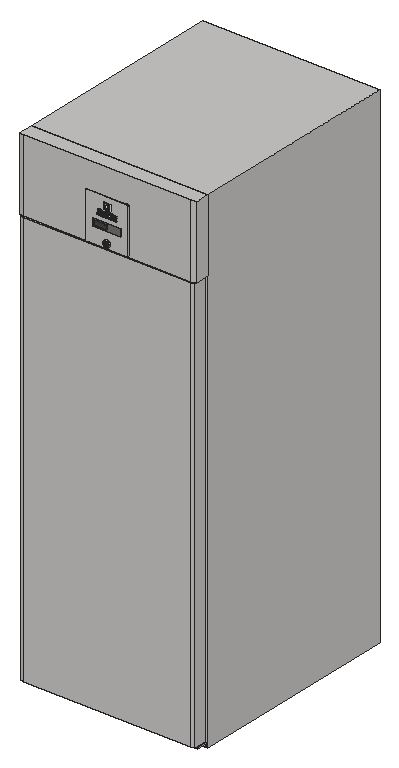
Revit family "QF_ELECTROLUXPROFESSIONAL_725104_RI093RE1FR", category Specialty Equipment, Revit 2018
Family settings
  Round Connector Dimension = Use Diameter
  Part Type = Normal
  Work Plane-Based = No
  Always vertical = Yes
  Cut with Voids When Loaded = No
  Shared = No
  Room Calculation Point = No
Parameters
  Weight = 133.00 kg
  Watts = 0 W
  Volts = 0 V
  URL Manufacturer = ""
  URL = ""
  Steam Supply Size = 0 mm
  Steam Supply Minimum Pressure = 0.0 Pa
  Steam Supply Maximum Pressure = 0.0 Pa
  Steam Pounds per Hour = 0
  Refrigeration Suction Line Size = 0.032 mm
  Refrigeration Liquid Line Size = 0.02 mm
  Refrigerant Compressor Remote = yes
  Manufacturer = ""
  Phase = 0
  Model = ""
  Length Actual = 750 mm  # constant formula
  Item Number = ""
  Hot Water Size = 0 mm
  Height Actual = 2111 mm  # constant formula
  HP = "0.2 HP"
  Gas Size = 0 mm
  Gas KW = 0
  Gas Input Pressure = 0 W
  Direct Waste Size = 0 mm
  Description = ""
  Depth Actual = 986 mm  # constant formula
  Cycle = 0 Hz
  Condensate Return Size = 0 mm
  Compressed Air Volume = 0.0 L/s
  Compressed Air Size = 0 mm
  Compressed Air Pressure = 0.0 Pa
  Cold Water Size = 0 mm
  Accessory = yes
Types (2, lengths in mm): name | Volts | URL Manufacturer | URL | Manufacturer | Phase | Model | Item Number | Description | Cycle
  (no name) | 0 V | "" | "" | "" | 0 | "" | "" | "" | 0 Hz
  Standard | 220 V | "http://professional.electrolux.com" | "http://professional.electrolux.com" | "Electrolux Professional" | 1 | "RI093RE1FR" | "725104" | "1-DOOR ROLL-IN REFRIGERATOR 930LT 0/+10°C REMOTE" | 60 Hz
Reference planes
  plane 1 "Center (Front/Back)": y = 0
  plane 2: z = 0
  plane 3 "Center (Left/Right)": x = 0
  plane 4 "TOP": z = 2111
  plane 5 "FRONT": y = -493
  plane 6 "BACK": y = 493
  plane 7 "LEFT": x = -375
  plane 8 "RIGHT": x = 375
  plane 9 "ROy": y = 241
  plane 10 "RIy": y = 270
  plane 11 "ROx": x = 135
  plane 12 "RIx": x = 208
  plane 13 "ROz": z = 2004
Forms (mm)
  Extrusion 1, solid, material "QF_Finishes_Stainless Steel"
    sketch origin (0, 0, 0) x (1, 0, 0) y (0, 1, 0)
      loop
        line (-375, 493) -> (-375, -421) -> (375, -421) -> (375, 493) -> (-375, 493)
    from 0 to 2111
  Extrusion 2, solid
    sketch origin (0, 493, 1872) x (-1, 0, 0) y (0, 0, 1)
      loop
        circle (359, 144) r 10
    from 0 to 3.2
  Extrusion 3, solid, material "QF_Clearances", detail levels coarse
    sketch origin (0, 0, 0) x (1, 0, 0) y (0, 1, 0)
      loop
        line (-375, -493) -> (-375, 493) -> (375, 493) -> (375, -493) -> (425, -493) -> (425, 543) -> (-425, 543) -> (-425, -493) -> (-375, -493)
    from 0 to 2111
  Extrusion 4, solid, material "QF_Clearances", detail levels coarse
    sketch origin (0, 0, 2111) x (-1, 0, 0) y (0, -1, 0)
      loop
        line (425, -543) -> (425, 493) -> (-425, 493) -> (-425, -543) -> (425, -543)
    from 0 to 500
  Extrusion 5, void
    sketch origin (0, 493, 0) x (-1, 0, 0) y (0, 0, 1)
      loop
        line (315, 1723.5) -> (-315, 1723.5) -> (-315, 5) -> (315, 5) -> (315, 1723.5)
    from -59 to -914
  Extrusion 6, solid, material "QF_Finishes_Stainless Steel"
    sketch origin (0, 0, 2111) x (-1, 0, 0) y (0, -1, 0)
      loop
        circle (-208, -270) r 3
    from -213 to -103
  Extrusion 7, solid, material "QF_Finishes_Stainless Steel"
    sketch origin (0, 0, 0) x (0, 1, 0) y (0, 0, 1)
      loop
        circle (241, 2004) r 4.9
    from 157.649 to 134
Cuts and joins
  joined: Extrusion 3, Extrusion 4
  Extrusion 5 cuts Extrusion 1
Lines and regions (mm)
  symbolic lines, style "QF_Clearances", detail levels coarse
    curve 1: line (-375, -493, 2111) -> (-425, -493, 2111)
    curve 2: line (-425, -493, 2111) -> (-425, 543, 2111)
    curve 3: line (-425, 543, 2111) -> (425, 543, 2111)
    curve 4: line (425, 543, 2111) -> (425, -493, 2111)
    curve 5: line (425, -493, 2111) -> (375, -493, 2111)
Dimensions and locks
  plane 6 "BACK" to plane 1 "Center (Front/Back)" to plane 5 "FRONT" = 493 mm, 493 mm
  equal spacing: plane 7 "LEFT", plane 3 "Center (Left/Right)", plane 8 "RIGHT"
  plane 7 "LEFT" to plane 8 "RIGHT" = 750 mm
  plane 6 "BACK" to plane 5 "FRONT" = 986 mm
  plane 4 "TOP" to plane 2 = 2111 mm
  equal spacing: plane 8 "RIGHT", plane 3 "Center (Left/Right)", plane 7 "LEFT"
  plane 6 "BACK" to nested 1 = 1664 mm
  cut or joined group of Extrusion 1, Extrusion 5 to cut or joined group of Extrusion 1, Extrusion 5 = 630 mm
  cut or joined group of Extrusion 1, Extrusion 5 to cut or joined group of Extrusion 1, Extrusion 5 = 855 mm
  plane 6 "BACK" to plane 10 "RIy" = 223 mm
  plane 6 "BACK" to plane 9 "ROy" = 252 mm
  plane 12 "RIx" to cut or joined group of Extrusion 1, Extrusion 5 = 167 mm
  plane 11 "ROx" to plane 12 "RIx" = 73 mm
  cut or joined group of Extrusion 1, Extrusion 5 to plane 13 "ROz" = 107 mm
  cut or joined group of Extrusion 3, Extrusion 4 to plane 4 "TOP" = 500 mm
  nested 1 to cut or joined group of Extrusion 1, Extrusion 5 = 980 mm
  nested 1 to nested 1 = 16 mm
  cut or joined group of Extrusion 3, Extrusion 4 to cut or joined group of Extrusion 1, Extrusion 5 = 50 mm
  cut or joined group of Extrusion 3, Extrusion 4 to plane 7 "LEFT" = 50 mm
  cut or joined group of Extrusion 1, Extrusion 5 to cut or joined group of Extrusion 3, Extrusion 4 = 50 mm
  plane 4 "TOP" to plane 13 "ROz" = 107 mm
  aligned and locked: level to plane 2
Automatic sketch dimensions
  plane 7 "LEFT" to Extrusion 2 sketch curve = 16 mm
  Extrusion 4 sketch curve to plane 5 "FRONT" = 0 mm
  Extrusion 4 sketch curve to plane 8 "RIGHT" = 50 mm
  Extrusion 4 sketch curve to plane 7 "LEFT" = 50 mm
  plane 6 "BACK" to Extrusion 4 sketch curve = 50 mm
  Extrusion 1 sketch curve to plane 7 "LEFT" = 0 mm
  Extrusion 1 sketch curve to plane 8 "RIGHT" = 0 mm
  Extrusion 1 sketch curve to plane 6 "BACK" = 0 mm
  plane 5 "FRONT" to Extrusion 1 sketch curve = 72 mm
  Extrusion 2 sketch curve to plane 4 "TOP" = 95 mm
  Extrusion 3 sketch curve to plane 5 "FRONT" = 0 mm  (x2)
  Extrusion 3 sketch curve to plane 7 "LEFT" = 0 mm
  Extrusion 3 sketch curve to plane 6 "BACK" = 0 mm
  Extrusion 3 sketch curve to plane 8 "RIGHT" = 0 mm
  Extrusion 3 sketch curve to plane 7 "LEFT" = 50 mm
  Extrusion 3 sketch curve to plane 8 "RIGHT" = 50 mm
  plane 6 "BACK" to Extrusion 3 sketch curve = 50 mm
  level to Extrusion 5 sketch curve = 5 mm
  plane 8 "RIGHT" to Extrusion 5 sketch curve = 60 mm
  plane 7 "LEFT" to Extrusion 5 sketch curve = 60 mm
  Extrusion 5 sketch curve to plane 4 "TOP" = 387.5 mm
  Extrusion 6 sketch curve to plane 10 "RIy" = 0 mm
  Extrusion 6 sketch curve to plane 12 "RIx" = 0 mm
  Extrusion 7 sketch curve to plane 9 "ROy" = 0 mm
  Extrusion 7 sketch curve to plane 13 "ROz" = 0 mm
  curve 4 to plane 5 "FRONT" = 0 mm
  curve 5 to plane 8 "RIGHT" = 0 mm
  curve 1 to plane 5 "FRONT" = 0 mm
  curve 1 to plane 7 "LEFT" = 0 mm
  curve 4 to plane 8 "RIGHT" = 50 mm
  curve 2 to plane 7 "LEFT" = 50 mm
  plane 6 "BACK" to curve 4 = 50 mm
  radius of Extrusion 2 sketch curve = 10 mm
  radius of Extrusion 6 sketch curve = 3 mm
  radius of Extrusion 7 sketch curve = 4.9 mm
Nested families
  nested 1: "QF_725104_Door" at (0, -421, 1060.5) x (1, 0, 0) z (0, -1, 0), type "QF_725104_Door"
    with Show Clearance yes
  nested 2: "Refrigerator" at (370, -442.5, 110), type "Refrigerator"
Connectors
  electrical at (-359, 496.2, 2016), driven by "Volts"
    settings: on Extrusion 2, index 2, voltage 0 V, apparent load 0 VA, apparent load phase1 0 VA, apparent load phase2 0 VA, apparent load phase3 0 VA, power factor 1, load classification "Other", number of poles 1, system type 30, power factor state 1, is connector primary yes, connector utility no, sub classification motor no, connector description "Electrical Connection"
  piping at (208, 270, 2008)
    settings: on Extrusion 6, index 3, connector diameter 0 mm, connector inside diameter 609.6 mm, connector length 0 mm, flow factor 0, pipe flow 0.0 L/s, pressure drop 0.0 Pa, fitting loss kfactor 0, connector angle 0.00°, fixture units 0, engagement length 0 mm, angle of deflection 0.00°, flow configuration 1, flow direction 1, fitting loss method 0, system type 7, joint type 0, gender type 0, connector reference index -1, connector utility 0, adjustable connector no, is connector primary yes, connector description "Refrigerant Inlet"
  piping at (134, 241, 2004)
    settings: on Extrusion 7, index 4, connector diameter 0 mm, connector inside diameter 609.6 mm, connector length 0 mm, flow factor 0, pipe flow 0.0 L/s, pressure drop 0.0 Pa, fitting loss kfactor 0, connector angle 0.00°, fixture units 0, engagement length 0 mm, angle of deflection 0.00°, flow configuration 1, flow direction 2, fitting loss method 0, system type 7, joint type 0, gender type 0, connector reference index -1, connector utility 0, adjustable connector no, is connector primary no, connector description "Refrigerant Outlet"
Definition of nested family "QF_725104_Door"
  Parameters
    Show Clearance [instance] = yes
    Model = "725104"
    Default Elevation = 1219.2 mm
  Reference planes
    plane 1 "Center (Front/Back)": y = 7.5
    plane 2: z = 0
    plane 3 "Center (Left/Right)": x = 0
  Forms (mm)
    Extrusion 1, solid
      sketch origin (0, -919.2, 0) x (1, 0, 0) y (0, 1, 0)
        loop
          line (-740, 2119.2) -> (-740, -324.806) -> (846.344, -324.806) -> (846.344, 2119.2) -> (-740, 2119.2)
      from 0 to -59.546
    Extrusion 2, solid
      sketch origin (0, 7.5, 0) x (1, 0, 0) y (0, 0, 1)
        loop
          line (-375, 60.667) -> (-375, 0) -> (375, 0) -> (375, 60.667) -> (355, 66) -> (-355, 66) -> (-375, 60.667)
      from -1043 to -733
    Extrusion 3, solid
      sketch origin (0, 7.5, 0) x (1, 0, 0) y (0, 0, 1)
        loop
          line (-370, 62) -> (-370, 26) -> (-348, 26) -> (-348, 8) -> (-330, 8) -> (-330, 0) -> (362, 0) -> (362, 8) -> (370, 8) -> (370, 62) -> (355, 66) -> (-355, 66) -> (-370, 62)
      from -726 to 1043
    Extrusion 4, solid
      sketch origin (147, -721.5, 0) x (0, 1, 0) y (0, 0, 1)
        loop
          line (-323.003, 40.312) -> (-316.501, 40.312) -> (-316.501, 42.812) -> (-325.503, 42.812) -> (-325.503, 2.5) -> (-339, 2.5) -> (-339, 0) -> (-323.003, 0) -> (-323.003, 12.259) -> (-323.003, 40.312)
        loop
          line (-314, 38.311) -> (-316.501, 38.311) -> (-316.501, 14.304) -> (-319.752, 14.304) -> (-319.752, 11.804) -> (-314, 11.804) -> (-314, 38.311)
      from 185 to 220
    Extrusion 5, solid
      sketch origin (147, 499.597, 0) x (0, 1, 0) y (0, 0, 1)
        loop
          line (233.903, 27.948) -> (233.903, 2.948) -> (233.903, 0) -> (240.903, 0) -> (240.903, 2.5) -> (236.403, 2.5) -> (236.403, 27.948) -> (233.903, 27.948)
      from 185 to 220
    Extrusion 6, solid, detail levels coarse
      sketch origin (24, 1013.369, -334) x (-1, 0, 0) y (0, 0, -1)
        loop
          line (-367, -352) -> (-367, -1084) -> (-329, -1084) -> (-329, -1062) -> (-311, -1062) -> (-311, -1044) -> (-303, -1044) -> (-303, -400) -> (-351, -400) -> (-351, -352) -> (-367, -352)
      from 2048.869 to 279.869
    Extrusion 7, solid, detail levels coarse
      sketch origin (41, 1123.369, -334) x (1, 0, 0) y (0, 0, 1)
        loop
          line (286, 400) -> (286, 1044) -> (294, 1044) -> (294, 1062) -> (312, 1062) -> (312, 1084)
          arc (312, 1084) -> (-184.675, 884.882) -> (-411, 400) r 727.877
          line (-411, 400) -> (286, 400)
      from 2158.869 to 389.869
  Lines and regions (mm)
    symbolic lines
      curve 1: line (-375, 7.5, 0) -> (-375, 7.5, 60.667)
      curve 2: line (375, 7.5, 0) -> (-375, 7.5, 0)
      curve 3: line (391, 7.5, 18) -> (391, 7.5, 750)
      curve 4: line (327, 7.5, 66) -> (327, 7.5, 710)
      curve 5: line (391, 7.5, 750) -> (353, 7.5, 750)
      curve 6: line (353, 7.5, 728) -> (353, 7.5, 750)
      curve 7: line (335, 7.5, 728) -> (353, 7.5, 728)
      curve 8: line (335, 7.5, 710) -> (335, 7.5, 728)
      curve 9: line (327, 7.5, 710) -> (335, 7.5, 710)
      curve 10: line (375, 7.5, 18) -> (391, 7.5, 18)
      curve 11: arc (353, 7.5, 750) -> (-143.675, 7.5, 550.882) -> (-370, 7.5, 66) r 727.877
      curve 12: line (375, 7.5, 0) -> (375, 7.5, 60.667)
      curve 13: line (-355, 7.5, 66) -> (-375, 7.5, 60.667)
      curve 14: line (355, 7.5, 66) -> (-355, 7.5, 66)
      curve 15: line (375, 7.5, 60.667) -> (355, 7.5, 66)
  Dimensions and locks
    Extrusion 4 to Extrusion 2 = 2111 mm
    Extrusion 3 to Extrusion 3 = 740 mm
    aligned and locked: plane 2 to Extrusion 1
    aligned and locked: level to Extrusion 1
  Nested families
    nested 1: "QF_DisplayNewRollCabinets_ELX" at (0, 840.5, 66), type "QF_DisplayNewRollCabinets_ELX"
      with Show Clearance yes
  Definition of nested family "QF_DisplayNewRollCabinets_ELX"
    Parameters
      Show Clearance [instance] = yes
      Model = "728658"
      Default Elevation = 1219.2 mm
    Reference planes
      plane 1 "Center (Front/Back)": y = 0
      plane 2: z = 0
      plane 3 "Center (Left/Right)": x = 0
    Forms (mm)
      Extrusion 1, solid
        sketch origin (0, -919.2, 0) x (1, 0, 0) y (0, 1, 0)
          loop
            line (-198.75, 1146.2) -> (-198.75, 709.567) -> (165.741, 709.567) -> (165.741, 1146.2) -> (-198.75, 1146.2)
        from 0 to -59.546
      Extrusion 2, solid
        sketch origin (-59, -79.611, 0) x (0, 1, 0) y (-1, 0, 0)
          loop
            circle (0.611, -59) r 14
          loop
            circle (0.611, -59) r 10
        from 1.6 to 6
      Extrusion 3, solid
        sketch origin (744.635, 285.889, 0) x (0, 1, 0) y (-1, 0, 0)
          loop
            circle (-364.889, 744.635) r 10
          loop
            circle (-364.889, 744.635) r 9
        from 1.6 to 6
      Extrusion 4, solid
        sketch origin (744.635, 285.889, 0) x (0, 1, 0) y (-1, 0, 0)
          loop
            circle (-364.889, 744.635) r 8.7
        from 1.6 to 6
      Extrusion 5, void
        sketch origin (744.635, 285.889, 0) x (0, 1, 0) y (-1, 0, 0)
          loop
            line (-372.339, 745.885) -> (-372.339, 743.385) -> (-362.339, 743.385) -> (-362.339, 745.885) -> (-372.339, 745.885)
        from 3 to 7
      Extrusion 6, solid
        sketch origin (0, 0, 0) x (1, 0, 0) y (0, 1, 0)
          loop
            arc (-90, -95) -> (-88.536, -98.536) -> (-85, -100) r 5
            line (-85, -100) -> (85, -100)
            arc (85, -100) -> (88.536, -98.536) -> (90, -95) r 5
            line (90, -95) -> (90, 95)
            arc (90, 95) -> (88.536, 98.536) -> (85, 100) r 5
            line (85, 100) -> (-85, 100)
            arc (-85, 100) -> (-88.536, 98.536) -> (-90, 95) r 5
            line (-90, 95) -> (-90, -95)
          loop
            line (-60, -3.798) -> (-60, -32.827) -> (60, -32.827) -> (60, -3.798) -> (-60, -3.798)
        from 0 to 1.6
      Extrusion 7, solid
        sketch origin (0, 0, 0) x (1, 0, 0) y (0, 1, 0)
          loop
            line (-60, -3.798) -> (-60, -32.827) -> (60, -32.827) -> (60, -3.798) -> (-60, -3.798)
          loop
            line (-56.428, -8.037) -> (-56.428, -28.331) -> (0, -28.331) -> (0, -8.037) -> (-56.428, -8.037)
        from 0 to 1.6
      Extrusion 8, solid
        sketch origin (0, 0, 0) x (1, 0, 0) y (0, 1, 0)
          loop
            line (-56.428, -8.037) -> (-56.428, -28.331) -> (0, -28.331) -> (0, -8.037) -> (-56.428, -8.037)
        from 0 to 1.6
      Extrusion 9, solid
        sketch origin (0, 0, 0) x (1, 0, 0) y (0, 1, 0)
          loop
            spline (-35.495, 30.517) -> (-35.679, 30.525) -> (-35.875, 30.55) -> (-36.078, 30.596) -> (-36.282, 30.665) -> (-36.483, 30.762) -> (-36.674, 30.888) -> (-36.851, 31.047) -> (-37.007, 31.242) -> (-37.138, 31.476) -> (-37.238, 31.752) -> (-37.302, 32.073) -> (-37.325, 32.443)
            line (-37.325, 32.443) -> (-37.325, 34.082) -> (-31.914, 34.082) -> (-31.914, 36.172) -> (-37.326, 36.172) -> (-37.326, 39.215) -> (-31.569, 39.215) -> (-31.569, 41.3) -> (-39.541, 41.3) -> (-39.541, 32.538)
            spline (-39.541, 32.538) -> (-39.521, 31.999) -> (-39.461, 31.491) -> (-39.359, 31.016) -> (-39.214, 30.575) -> (-39.026, 30.17) -> (-38.792, 29.803) -> (-38.513, 29.476) -> (-38.186, 29.19) -> (-37.811, 28.948) -> (-37.386, 28.75) -> (-36.91, 28.599) -> (-36.383, 28.497)
            line (-36.383, 28.497) -> (-35.513, 28.434) -> (-31.415, 28.434) -> (-31.415, 30.517) -> (-35.495, 30.517)
          loop
            line (-29.841, 35.221) -> (-29.841, 28.431) -> (-27.625, 28.431) -> (-27.625, 41.303) -> (-29.841, 41.303) -> (-29.841, 35.221)
          loop
            spline (-16.689, 32.543) -> (-16.674, 33.24) -> (-16.741, 33.914) -> (-16.887, 34.559) -> (-17.108, 35.168) -> (-17.403, 35.737) -> (-17.768, 36.257) -> (-18.2, 36.724) -> (-18.697, 37.131) -> (-19.255, 37.471) -> (-19.872, 37.739) -> (-20.545, 37.929) -> (-21.271, 38.033)
            spline (-21.271, 38.033) -> (-21.961, 37.993) -> (-22.617, 37.875) -> (-23.233, 37.682) -> (-23.805, 37.417) -> (-24.328, 37.083) -> (-24.797, 36.683) -> (-25.207, 36.219) -> (-25.554, 35.696) -> (-25.832, 35.116) -> (-26.036, 34.481) -> (-26.162, 33.795) -> (-26.206, 33.061)
            spline (-26.206, 33.061) -> (-26.164, 32.345) -> (-26.041, 31.676) -> (-25.841, 31.056) -> (-25.568, 30.489) -> (-25.226, 29.977) -> (-24.818, 29.524) -> (-24.348, 29.133) -> (-23.822, 28.805) -> (-23.241, 28.546) -> (-22.61, 28.357) -> (-21.934, 28.241) -> (-21.215, 28.202)
            spline (-21.215, 28.202) -> (-20.865, 28.21) -> (-20.518, 28.237) -> (-20.176, 28.283) -> (-19.837, 28.35) -> (-19.503, 28.441) -> (-19.173, 28.557) -> (-18.847, 28.699) -> (-18.525, 28.87) -> (-18.208, 29.07) -> (-17.895, 29.303) -> (-17.587, 29.569) -> (-17.283, 29.871)
            line (-17.283, 29.871) -> (-18.618, 31.17)
            spline (-18.618, 31.17) -> (-18.794, 31.001) -> (-18.971, 30.845) -> (-19.151, 30.704) -> (-19.334, 30.578) -> (-19.523, 30.465) -> (-19.72, 30.368) -> (-19.925, 30.284) -> (-20.141, 30.216) -> (-20.369, 30.163) -> (-20.61, 30.125) -> (-20.867, 30.102) -> (-21.141, 30.094)
            spline (-21.141, 30.094) -> (-21.542, 30.114) -> (-21.918, 30.172) -> (-22.268, 30.268) -> (-22.589, 30.399) -> (-22.881, 30.564) -> (-23.142, 30.762) -> (-23.37, 30.99) -> (-23.564, 31.248) -> (-23.721, 31.534) -> (-23.841, 31.846) -> (-23.921, 32.183) -> (-23.961, 32.543)
            line (-23.961, 32.543) -> (-16.689, 32.543)
          loop
            spline (-18.915, 34.101) -> (-18.937, 34.375) -> (-19, 34.638) -> (-19.101, 34.889) -> (-19.237, 35.124) -> (-19.407, 35.342) -> (-19.606, 35.538) -> (-19.833, 35.712) -> (-20.083, 35.859) -> (-20.355, 35.979) -> (-20.646, 36.067) -> (-20.952, 36.122) -> (-21.271, 36.141)
            spline (-21.271, 36.141) -> (-21.613, 36.123) -> (-21.943, 36.069) -> (-22.256, 35.981) -> (-22.552, 35.864) -> (-22.825, 35.717) -> (-23.075, 35.545) -> (-23.297, 35.35) -> (-23.49, 35.133) -> (-23.65, 34.897) -> (-23.774, 34.645) -> (-23.86, 34.379) -> (-23.905, 34.101)
            line (-23.905, 34.101) -> (-18.915, 34.101)
          loop
            spline (-13.301, 33.118) -> (-13.275, 33.53) -> (-13.201, 33.921) -> (-13.081, 34.288) -> (-12.918, 34.628) -> (-12.715, 34.938) -> (-12.475, 35.216) -> (-12.201, 35.459) -> (-11.896, 35.664) -> (-11.563, 35.828) -> (-11.205, 35.948) -> (-10.825, 36.023) -> (-10.425, 36.048)
            spline (-10.425, 36.048) -> (-10.18, 36.041) -> (-9.946, 36.018) -> (-9.721, 35.98) -> (-9.505, 35.928) -> (-9.298, 35.862) -> (-9.099, 35.782) -> (-8.908, 35.688) -> (-8.724, 35.581) -> (-8.547, 35.461) -> (-8.376, 35.329) -> (-8.211, 35.185) -> (-8.051, 35.028)
            line (-8.051, 35.028) -> (-6.678, 36.457)
            spline (-6.678, 36.457) -> (-6.951, 36.73) -> (-7.233, 36.975) -> (-7.522, 37.194) -> (-7.819, 37.386) -> (-8.123, 37.553) -> (-8.434, 37.695) -> (-8.751, 37.813) -> (-9.075, 37.908) -> (-9.404, 37.98) -> (-9.739, 38.031) -> (-10.08, 38.061) -> (-10.425, 38.07)
            spline (-10.425, 38.07) -> (-11.118, 38.028) -> (-11.781, 37.902) -> (-12.409, 37.698) -> (-12.996, 37.421) -> (-13.537, 37.075) -> (-14.024, 36.665) -> (-14.453, 36.196) -> (-14.817, 35.671) -> (-15.11, 35.097) -> (-15.327, 34.476) -> (-15.462, 33.815) -> (-15.508, 33.118)
            spline (-15.508, 33.118) -> (-15.462, 32.42) -> (-15.327, 31.759) -> (-15.11, 31.138) -> (-14.817, 30.564) -> (-14.453, 30.039) -> (-14.024, 29.57) -> (-13.537, 29.16) -> (-12.996, 28.814) -> (-12.409, 28.537) -> (-11.781, 28.333) -> (-11.118, 28.207) -> (-10.425, 28.165)
            spline (-10.425, 28.165) -> (-10.08, 28.174) -> (-9.739, 28.204) -> (-9.404, 28.255) -> (-9.075, 28.327) -> (-8.751, 28.422) -> (-8.434, 28.54) -> (-8.123, 28.682) -> (-7.819, 28.849) -> (-7.522, 29.041) -> (-7.233, 29.26) -> (-6.951, 29.505) -> (-6.678, 29.779)
            line (-6.678, 29.779) -> (-8.051, 31.207)
            spline (-8.051, 31.207) -> (-8.211, 31.05) -> (-8.376, 30.906) -> (-8.547, 30.774) -> (-8.724, 30.654) -> (-8.908, 30.547) -> (-9.099, 30.453) -> (-9.298, 30.373) -> (-9.505, 30.307) -> (-9.721, 30.255) -> (-9.946, 30.217) -> (-10.18, 30.194) -> (-10.425, 30.187)
            spline (-10.425, 30.187) -> (-10.825, 30.212) -> (-11.205, 30.287) -> (-11.563, 30.407) -> (-11.896, 30.571) -> (-12.201, 30.776) -> (-12.475, 31.019) -> (-12.715, 31.297) -> (-12.918, 31.607) -> (-13.081, 31.947) -> (-13.201, 32.314) -> (-13.275, 32.705) -> (-13.301, 33.118)
          loop
            spline (-1.029, 30.514) -> (-1.224, 30.511) -> (-1.433, 30.525) -> (-1.651, 30.562) -> (-1.872, 30.623) -> (-2.09, 30.713) -> (-2.301, 30.835) -> (-2.498, 30.992) -> (-2.675, 31.189) -> (-2.829, 31.429) -> (-2.952, 31.716) -> (-3.039, 32.053) -> (-3.086, 32.443)
            line (-3.086, 32.443) -> (-3.086, 35.726) -> (-1.07, 35.726) -> (-1.07, 37.739) -> (-3.083, 37.739) -> (-3.083, 41.303) -> (-5.299, 41.303) -> (-5.299, 32.317)
            spline (-5.299, 32.317) -> (-5.251, 31.795) -> (-5.165, 31.305) -> (-5.04, 30.847) -> (-4.875, 30.424) -> (-4.668, 30.037) -> (-4.418, 29.687) -> (-4.125, 29.377) -> (-3.788, 29.108) -> (-3.405, 28.881) -> (-2.975, 28.699) -> (-2.498, 28.562) -> (-1.972, 28.474)
            line (-1.972, 28.474) -> (-1.037, 28.431) -> (-1.029, 30.514)
          loop
            spline (6.427, 37.868) -> (6.044, 37.892) -> (5.675, 37.885) -> (5.321, 37.849) -> (4.984, 37.784) -> (4.663, 37.692) -> (4.362, 37.573) -> (4.079, 37.428) -> (3.817, 37.259) -> (3.576, 37.066) -> (3.358, 36.85) -> (3.163, 36.613) -> (2.992, 36.355)
            line (2.992, 36.355) -> (2.992, 37.739) -> (0.794, 37.739) -> (0.794, 28.431) -> (2.992, 28.431) -> (2.992, 33.325)
            spline (2.992, 33.325) -> (3.013, 33.696) -> (3.072, 34.042) -> (3.169, 34.362) -> (3.303, 34.653) -> (3.471, 34.915) -> (3.673, 35.147) -> (3.907, 35.346) -> (4.171, 35.513) -> (4.465, 35.644) -> (4.785, 35.74) -> (5.132, 35.799) -> (5.504, 35.818)
            line (5.504, 35.818) -> (6.427, 35.726) -> (6.427, 37.868)
          loop
            spline (16.924, 33.085) -> (16.877, 33.768) -> (16.743, 34.419) -> (16.525, 35.032) -> (16.231, 35.603) -> (15.866, 36.126) -> (15.437, 36.596) -> (14.949, 37.008) -> (14.409, 37.357) -> (13.823, 37.637) -> (13.196, 37.844) -> (12.535, 37.972) -> (11.845, 38.016)
            spline (11.845, 38.016) -> (11.152, 37.972) -> (10.488, 37.844) -> (9.86, 37.637) -> (9.273, 37.357) -> (8.733, 37.008) -> (8.246, 36.596) -> (7.818, 36.126) -> (7.455, 35.603) -> (7.163, 35.032) -> (6.946, 34.419) -> (6.812, 33.768) -> (6.766, 33.085)
            spline (6.766, 33.085) -> (6.812, 32.402) -> (6.946, 31.752) -> (7.163, 31.138) -> (7.455, 30.568) -> (7.818, 30.045) -> (8.246, 29.574) -> (8.733, 29.162) -> (9.273, 28.813) -> (9.86, 28.533) -> (10.488, 28.326) -> (11.152, 28.198) -> (11.845, 28.154)
            spline (11.845, 28.154) -> (12.535, 28.198) -> (13.196, 28.326) -> (13.823, 28.533) -> (14.409, 28.813) -> (14.949, 29.162) -> (15.437, 29.574) -> (15.866, 30.045) -> (16.231, 30.568) -> (16.525, 31.138) -> (16.743, 31.752) -> (16.877, 32.402) -> (16.924, 33.085)
          loop
            spline (14.726, 33.085) -> (14.7, 33.488) -> (14.625, 33.872) -> (14.504, 34.235) -> (14.34, 34.572) -> (14.136, 34.882) -> (13.895, 35.161) -> (13.62, 35.405) -> (13.315, 35.612) -> (12.981, 35.778) -> (12.623, 35.901) -> (12.244, 35.977) -> (11.845, 36.003)
            spline (11.845, 36.003) -> (11.443, 35.977) -> (11.061, 35.901) -> (10.702, 35.778) -> (10.368, 35.612) -> (10.063, 35.405) -> (9.789, 35.161) -> (9.549, 34.882) -> (9.346, 34.572) -> (9.184, 34.235) -> (9.064, 33.872) -> (8.99, 33.488) -> (8.965, 33.085)
            spline (8.965, 33.085) -> (8.99, 32.682) -> (9.064, 32.298) -> (9.184, 31.936) -> (9.346, 31.598) -> (9.549, 31.288) -> (9.789, 31.01) -> (10.063, 30.765) -> (10.368, 30.558) -> (10.702, 30.392) -> (11.061, 30.269) -> (11.443, 30.193) -> (11.845, 30.167)
            spline (11.845, 30.167) -> (12.244, 30.193) -> (12.623, 30.269) -> (12.981, 30.392) -> (13.315, 30.558) -> (13.62, 30.765) -> (13.895, 31.01) -> (14.136, 31.288) -> (14.34, 31.598) -> (14.504, 31.936) -> (14.625, 32.298) -> (14.7, 32.682) -> (14.726, 33.085)
          loop
            line (18.286, 35.443) -> (18.286, 28.431) -> (20.504, 28.431) -> (20.504, 41.303) -> (18.286, 41.303) -> (18.286, 35.443)
          loop
            line (28.496, 37.739) -> (28.496, 32.328)
            spline (28.496, 32.328) -> (28.478, 31.977) -> (28.426, 31.659) -> (28.342, 31.376) -> (28.228, 31.126) -> (28.085, 30.908) -> (27.916, 30.721) -> (27.723, 30.566) -> (27.508, 30.44) -> (27.273, 30.344) -> (27.019, 30.276) -> (26.748, 30.236) -> (26.464, 30.223)
            spline (26.464, 30.223) -> (26.18, 30.236) -> (25.909, 30.276) -> (25.656, 30.344) -> (25.42, 30.44) -> (25.205, 30.564) -> (25.012, 30.719) -> (24.843, 30.904) -> (24.701, 31.12) -> (24.587, 31.368) -> (24.503, 31.648) -> (24.451, 31.962) -> (24.433, 32.309)
            line (24.433, 32.309) -> (24.433, 37.739) -> (22.198, 37.739) -> (22.198, 32.125)
            spline (22.198, 32.125) -> (22.238, 31.488) -> (22.352, 30.91) -> (22.537, 30.388) -> (22.786, 29.923) -> (23.095, 29.514) -> (23.456, 29.16) -> (23.866, 28.863) -> (24.319, 28.62) -> (24.808, 28.432) -> (25.33, 28.298) -> (25.877, 28.218) -> (26.446, 28.191)
            spline (26.446, 28.191) -> (27.019, 28.218) -> (27.571, 28.299) -> (28.097, 28.435) -> (28.591, 28.626) -> (29.047, 28.872) -> (29.46, 29.174) -> (29.825, 29.532) -> (30.136, 29.947) -> (30.387, 30.419) -> (30.574, 30.948) -> (30.69, 31.535) -> (30.729, 32.18)
            line (30.729, 32.18) -> (30.729, 37.739) -> (28.496, 37.739)
          loop
            line (39.115, 31.408) -> (37.717, 33.362) -> (39.448, 35.719) -> (40.93, 37.739) -> (38.511, 37.739) -> (36.497, 34.95) -> (34.466, 37.739) -> (32.065, 37.739) -> (33.442, 35.856) -> (35.279, 33.344) -> (33.354, 30.663) -> (31.751, 28.431) -> (34.134, 28.431) -> (36.497, 31.719) -> (38.861, 28.431) -> (41.244, 28.431) -> (39.115, 31.408)
          loop
            line (-38.295, 23.783) -> (-40.009, 23.783) -> (-40.009, 19.333) -> (-39.095, 19.333) -> (-39.095, 20.841) -> (-38.295, 20.841)
            arc (-38.295, 20.841) -> (-36.824, 22.312) -> (-38.295, 23.783) r 1.471
          loop
            arc (-38.234, 21.69) -> (-37.702, 22.312) -> (-38.234, 22.934) r 0.63
            line (-38.234, 22.934) -> (-39.095, 22.934) -> (-39.095, 21.69) -> (-38.234, 21.69)
          loop
            line (-31.313, 23.783) -> (-33.058, 23.783) -> (-33.058, 19.333) -> (-32.144, 19.333) -> (-32.144, 20.866) -> (-31.349, 20.866) -> (-30.568, 19.333) -> (-29.53, 19.333) -> (-30.598, 21.091)
            arc (-30.598, 21.091) -> (-30.04, 21.611) -> (-29.845, 22.348) r 1.374
            arc (-29.845, 22.348) -> (-30.287, 23.365) -> (-31.313, 23.783) r 1.469
          loop
            line (-31.332, 22.942) -> (-32.144, 22.942) -> (-32.144, 21.7) -> (-31.332, 21.7)
            arc (-31.332, 21.7) -> (-30.827, 22.321) -> (-31.332, 22.942) r 0.634
          loop
            circle (-23.849, 21.558) r 2.311
          loop
            circle (-23.849, 21.558) r 1.467
          loop
            line (-17.711, 23.783) -> (-17.711, 19.333) -> (-16.796, 19.333) -> (-16.796, 21.162) -> (-15.122, 21.162) -> (-15.122, 22.003) -> (-16.796, 22.003) -> (-16.796, 22.942) -> (-14.961, 22.942) -> (-14.961, 23.783) -> (-17.711, 23.783)
          loop
            line (-11.187, 23.783) -> (-11.187, 20.776)
            arc (-11.187, 20.776) -> (-10.776, 19.757) -> (-9.763, 19.333) r 1.424
            line (-9.763, 19.333) -> (-8.326, 19.333) -> (-8.326, 20.174) -> (-9.388, 20.174)
            arc (-9.388, 20.174) -> (-10.074, 20.494) -> (-10.272, 21.224) r 0.897
            line (-10.272, 21.224) -> (-8.492, 21.224) -> (-8.492, 22.065) -> (-10.272, 22.065) -> (-10.272, 22.942) -> (-8.369, 22.942) -> (-8.369, 23.783) -> (-11.187, 23.783)
          loop
            line (-2.341, 22.616) -> (-1.684, 23.067)
            arc (-1.684, 23.067) -> (-2.293, 23.661) -> (-3.121, 23.857) r 1.593
            arc (-3.121, 23.857) -> (-3.842, 23.672) -> (-4.423, 23.206) r 1.765
            arc (-4.423, 23.206) -> (-4.501, 22.623) -> (-4.383, 22.046) r 1.775
            arc (-4.383, 22.046) -> (-3.986, 21.617) -> (-3.47, 21.346) r 1.724
            arc (-3.47, 21.346) -> (-3.071, 21.188) -> (-2.688, 20.994) r 4.507
            arc (-2.688, 20.994) -> (-2.464, 20.43) -> (-2.973, 20.098) r 0.479
            arc (-2.973, 20.098) -> (-3.616, 20.315) -> (-4.111, 20.78) r 1.593
            line (-4.111, 20.78) -> (-4.81, 20.341)
            arc (-4.81, 20.341) -> (-4.533, 19.884) -> (-4.129, 19.534) r 1.711
            arc (-4.129, 19.534) -> (-3.616, 19.315) -> (-3.061, 19.259) r 1.845
            arc (-3.061, 19.259) -> (-2.375, 19.396) -> (-1.757, 19.724) r 2.41
            arc (-1.757, 19.724) -> (-1.484, 20.45) -> (-1.625, 21.213) r 1.447
            arc (-1.625, 21.213) -> (-1.929, 21.564) -> (-2.319, 21.818) r 1.678
            arc (-2.319, 21.818) -> (-2.811, 22.038) -> (-3.316, 22.227) r 8.836
            arc (-3.316, 22.227) -> (-3.607, 22.681) -> (-3.186, 23.017) r 0.402
            arc (-3.186, 23.017) -> (-2.717, 22.913) -> (-2.341, 22.616) r 1.07
          loop
            line (9.023, 23.783) -> (9.023, 19.333) -> (9.938, 19.333) -> (9.938, 23.783) -> (9.023, 23.783)
          loop
            circle (16.107, 21.558) r 1.384
          loop
            circle (16.107, 21.558) r 2.311
          loop
            line (22.245, 19.333) -> (23.169, 19.333) -> (23.169, 22.131) -> (25.205, 19.333) -> (26.094, 19.333) -> (26.094, 23.783) -> (25.17, 23.783) -> (25.17, 20.9) -> (23.135, 23.783) -> (22.245, 23.783) -> (22.245, 19.333)
          loop
            line (30.707, 19.333) -> (31.141, 20.293) -> (32.787, 20.293) -> (33.22, 19.333) -> (34.204, 19.333) -> (31.937, 23.783) -> (29.725, 19.333) -> (30.707, 19.333)
          loop
            line (31.964, 22.119) -> (31.552, 21.206) -> (32.376, 21.206) -> (31.964, 22.119)
          loop
            line (38.748, 20.174) -> (38.748, 23.783) -> (37.833, 23.783) -> (37.833, 19.333) -> (40.459, 19.333) -> (40.459, 20.174) -> (38.748, 20.174)
          loop
            line (-14.216, 47.398) -> (14.216, 47.398) -> (14.216, 75.792) -> (-14.216, 75.792) -> (-14.216, 47.398)
          loop
            line (3.797, 74.398) -> (3.797, 48.85)
            arc (3.797, 48.85) -> (13.241, 61.624) -> (3.797, 74.398) r 13.361
          loop
            line (2.497, 72.548) -> (2.497, 74.398)
            arc (2.497, 74.398) -> (-8.128, 71.983) -> (-13.247, 62.364) r 13.094
            line (-13.247, 62.364) -> (-9.02, 62.364)
            arc (-9.02, 62.364) -> (-1.469, 65.429) -> (2.497, 72.548) r 12.273
          loop
            arc (-13.247, 60.883) -> (-8.136, 51.185) -> (2.497, 48.522) r 13.436
            line (2.497, 48.522) -> (2.497, 50.7)
            arc (2.497, 50.7) -> (-1.469, 57.818) -> (-9.02, 60.883) r 12.273
            line (-9.02, 60.883) -> (-13.247, 60.883)
          loop
            line (4.381, 22.616) -> (5.039, 23.067)
            arc (5.039, 23.067) -> (4.429, 23.661) -> (3.601, 23.857) r 1.593
            arc (3.601, 23.857) -> (2.88, 23.672) -> (2.299, 23.206) r 1.765
            arc (2.299, 23.206) -> (2.221, 22.623) -> (2.339, 22.046) r 1.775
            arc (2.339, 22.046) -> (2.736, 21.617) -> (3.252, 21.346) r 1.724
            arc (3.252, 21.346) -> (3.651, 21.188) -> (4.034, 20.994) r 4.507
            arc (4.034, 20.994) -> (4.258, 20.43) -> (3.75, 20.098) r 0.479
            arc (3.75, 20.098) -> (3.106, 20.315) -> (2.611, 20.78) r 1.593
            line (2.611, 20.78) -> (1.912, 20.341)
            arc (1.912, 20.341) -> (2.189, 19.884) -> (2.594, 19.534) r 1.711
            arc (2.594, 19.534) -> (3.106, 19.315) -> (3.661, 19.259) r 1.845
            arc (3.661, 19.259) -> (4.347, 19.396) -> (4.965, 19.724) r 2.41
            arc (4.965, 19.724) -> (5.238, 20.45) -> (5.097, 21.213) r 1.447
            arc (5.097, 21.213) -> (4.793, 21.564) -> (4.403, 21.818) r 1.678
            arc (4.403, 21.818) -> (3.911, 22.038) -> (3.406, 22.227) r 8.836
            arc (3.406, 22.227) -> (3.115, 22.681) -> (3.536, 23.017) r 0.402
            arc (3.536, 23.017) -> (4.005, 22.913) -> (4.381, 22.616) r 1.07
        from 1.6 to 3.2
      Extrusion 10, solid
        sketch origin (0, 0, 0) x (1, 0, 0) y (0, 1, 0)
          loop
            line (1.25, -86.45) -> (1.25, -76.45) -> (-1.25, -76.45) -> (-1.25, -86.45) -> (1.25, -86.45)
        from 1.6 to 6
    Cuts and joins
      Extrusion 5 cuts Extrusion 4
    Lines and regions (mm)
      symbolic lines
        curve 1: line (52.518, 0, 4) -> (-53.037, 0, 4)
        curve 2: line (40, 0, 4) -> (40, 0, 6)
        curve 3: line (40, 0, 6) -> (-40, 0, 6)
        curve 4: line (-40, 0, 6) -> (-40, 0, 4)
        curve 5: line (-64.765, 0, 0) -> (-53.037, 0, 4)
        curve 6: line (52.518, 0, 4) -> (64.135, 0, 0)
    Dimensions and locks
      aligned and locked: plane 2 to Extrusion 1
      aligned and locked: level to Extrusion 1
Definition of nested family "Refrigerator"
  Reference planes
    plane 1 "Center (Front/Back)": y = 0
    plane 2: z = 0
    plane 3 "Center (Left/Right)": x = 0
  Lines and regions (mm)
    detail lines, in view "Ref. Level"
      curve 1: spline (-500, 190, 0) -> (-493.185, 166.706, 0) -> (-473.205, 145, 0) -> (-441.421, 126.36, 0) -> (-400, 112.058, 0) -> (-351.764, 103.067, 0) -> (-300, 100, 0) -> (-248.236, 103.067, 0) -> (-200, 112.058, 0) -> (-158.579, 126.36, 0) -> (-126.795, 145, 0) -> (-106.815, 166.706, 0) -> (-100, 190, 0) -> (-106.815, 213.294, 0) -> (-126.795, 235, 0) -> (-158.579, 253.64, 0) -> (-200, 267.942, 0) -> (-248.236, 276.933, 0) -> (-300, 280, 0) -> (-351.764, 276.933, 0) -> (-400, 267.942, 0) -> (-441.421, 253.64, 0) -> (-473.205, 235, 0) -> (-493.185, 213.294, 0) -> (-500, 190, 0)
      curve 2: line (-300, 130, 0) -> (-300, 250, 0)
      curve 3: line (-351.962, 220, 0) -> (-248.038, 160, 0)
      curve 4: line (-351.962, 160, 0) -> (-248.038, 220, 0)
      curve 5: line (-280.884, 246.873, 0) -> (-300, 225, 0)
      curve 6: line (-300, 225, 0) -> (-319.116, 246.873, 0)
      curve 7: line (-330.311, 207.5, 0) -> (-339.696, 234.992, 0)
      curve 8: line (-358.812, 201.882, 0) -> (-330.311, 207.5, 0)
      curve 9: line (-330.311, 172.5, 0) -> (-358.812, 178.118, 0)
      curve 10: line (-339.696, 145.008, 0) -> (-330.311, 172.5, 0)
      curve 11: line (-300, 155, 0) -> (-319.116, 133.127, 0)
      curve 12: line (-280.884, 133.127, 0) -> (-300, 155, 0)
      curve 13: line (-269.689, 172.5, 0) -> (-260.304, 145.008, 0)
      curve 14: line (-241.188, 178.118, 0) -> (-269.689, 172.5, 0)
      curve 15: line (-269.689, 207.5, 0) -> (-241.188, 201.882, 0)
      curve 16: line (-260.304, 234.992, 0) -> (-269.689, 207.5, 0)
